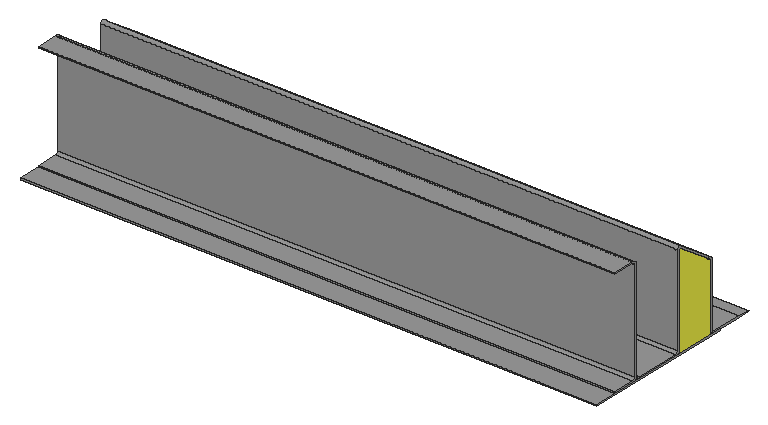
Revit family "SK 90 215 WIL", category Generic Models, Revit 2014
Parameters (values of type "Max lintel length 4000mm")
  URL = "http://www.keystonelintels.co.uk"
  Structural Opening [instance] = 900 mm
  Structural Performance = "The Keystone lintel range has safe working loads as detailed in each applicable loading table in the Keystone Lintel Guide brochure. The structural performance figures within each table have been ascertained by testing in accordance with the requirements of standards BS EN 5977-2: 1983 and BS EN 845-2: 2003."
  RIBA Productor Selector = "available for Keystone Lintels Ltd from Keystone Lintels Ltd from ribaproductselector.com"
  Model = "SK/90 215 WIL"
  Min Length = 600 mm
  Min Clear Span = 300 mm
  Max Length = 4000 mm
  Max Clear Span = 4000 mm
  Material - Stainless Steel = "Grade 304 2b 1.4307 to BS EN 10088-2. Other grades available on request: contact manufacturer."
  Material - Galvanised Steel = "To BS EN 10346: 2009. DX51D plus Z600 or grade Z275 to BS 5977-2: 1983 (BS EN 845-2: 2003)."
  Manufacturer = "Keystone"
  Manufactured Length [instance] = (roundup(Effective Length / 150 mm) * 150 mm)  # 1200 mm
  Lintel height [instance] = 2100 mm
  Keynote = "F30/755"
  Fire Performance = "Keystone lintels have been subjected to a fire test (WARRES No. 101263) in accordance with BS 476-20: 1987, at Exova Warrington Fire and achieved a one hour fire performance."
  End Bearing = 150 mm
  Effective Length [instance] = Clear Opening with MIN MAX set + End Bearing * 2  # 1200 mm
  Corrosion = "Keystone’s standard range of lintels are manufactured from high quality grade pre-galvanized carbon steel with a zinc coating of 600"
  Contact Tel = "+44 (0)28 8676 2184"
  Contact Email = "info@keystonelintels.co.uk"
  Clear Opening with MIN MAX set [instance] = if(Structural Opening < Min Clear Span, Min Clear Span, (if(Structural Opening > Max Clear Span, Max Clear Span, Structural Opening)))  # 900 mm
  CPD Information = "Available for Keystone Lintels Ltd from ribacpd.com"
Reference planes
  plane 1 "Center (Front/Back)": y = 0
  plane 2: z = 0
  plane 3 "Center (Left/Right)": x = 0
  plane 4: x = -600
  plane 5: x = 600
  plane 6: z = 2100
  plane 7: x = -450
  plane 8: x = 450
Forms (mm)
  Extrusion 1, solid, material "Steel"
    sketch origin (0, 658.512, -498.991) x (0, 1, 0) y (0, 0, 1)
      loop
        line (-520.593, 2598.122) -> (-520.482, 2601.32) -> (-545.491, 2602.191) -> (-610.491, 2602.191)
        arc (-610.491, 2602.191) -> (-614.026, 2603.656) -> (-615.491, 2607.191) r 5
        line (-615.491, 2607.191) -> (-615.491, 2739.606)
        arc (-615.491, 2739.606) -> (-616.045, 2741.868) -> (-617.58, 2743.62) r 4.9
        line (-617.58, 2743.62) -> (-695.772, 2798.364)
        arc (-695.772, 2798.364) -> (-700.847, 2798.702) -> (-703.491, 2794.356) r 4.903
        line (-703.491, 2794.356) -> (-703.491, 2607.191)
        arc (-703.491, 2607.191) -> (-704.955, 2603.656) -> (-708.491, 2602.191) r 5
        line (-708.491, 2602.191) -> (-803.491, 2602.191) -> (-803.491, 2598.991) -> (-708.491, 2598.991)
        arc (-708.491, 2598.991) -> (-702.693, 2601.393) -> (-700.291, 2607.191) r 8.2
        line (-700.291, 2607.191) -> (-700.291, 2794.354)
        arc (-700.291, 2794.354) -> (-699.371, 2795.863) -> (-697.609, 2795.744) r 1.703
        line (-697.609, 2795.744) -> (-619.416, 2740.998)
        arc (-619.416, 2740.998) -> (-618.883, 2740.391) -> (-618.691, 2739.606) r 1.7
        line (-618.691, 2739.606) -> (-618.691, 2607.191)
        arc (-618.691, 2607.191) -> (-616.289, 2601.393) -> (-610.491, 2598.991) r 8.2
        line (-610.491, 2598.991) -> (-545.547, 2598.991) -> (-520.593, 2598.122)
    from -600 to 600
  Extrusion 2, solid, material "Steel"
    sketch origin (0, 658.512, -498.991) x (0, 1, 0) y (0, 0, 1)
      loop
        line (-593.491, 2596.491) -> (-593.491, 2598.991) -> (-913.491, 2598.991) -> (-913.491, 2596.491) -> (-593.491, 2596.491)
    from -600 to 600
  Extrusion 3, solid, material "Steel"
    sketch origin (0, 659.012, -498.991) x (0, 1, 0) y (0, 0, 1)
      loop
        arc (-820.991, 2598.991) -> (-815.688, 2601.188) -> (-813.491, 2606.491) r 7.5
        line (-813.491, 2606.491) -> (-813.491, 2816.491)
        arc (-813.491, 2816.491) -> (-815.688, 2821.794) -> (-820.991, 2823.991) r 7.5
        line (-820.991, 2823.991) -> (-866.991, 2823.991) -> (-866.991, 2821.491) -> (-820.991, 2821.491)
        arc (-820.991, 2821.491) -> (-817.455, 2820.027) -> (-815.991, 2816.491) r 5
        line (-815.991, 2816.491) -> (-815.991, 2606.491)
        arc (-815.991, 2606.491) -> (-817.455, 2602.956) -> (-820.991, 2601.491) r 5
        line (-820.991, 2601.491) -> (-866.991, 2601.491) -> (-866.991, 2598.991) -> (-820.991, 2598.991)
    from -600 to 600
  Extrusion 4, solid, material "Insulation"
    sketch origin (0, 658.512, -498.991) x (0, 1, 0) y (0, 0, 1)
      loop
        line (-708.491, 2598.991) -> (-610.491, 2598.991)
        arc (-610.491, 2598.991) -> (-616.289, 2601.393) -> (-618.691, 2607.191) r 8.2
        line (-618.691, 2607.191) -> (-618.691, 2739.606)
        arc (-618.691, 2739.606) -> (-618.883, 2740.391) -> (-619.416, 2740.998) r 1.7
        line (-619.416, 2740.998) -> (-697.609, 2795.744)
        arc (-697.609, 2795.744) -> (-699.371, 2795.863) -> (-700.291, 2794.354) r 1.703
        line (-700.291, 2794.354) -> (-700.291, 2607.191)
        arc (-700.291, 2607.191) -> (-702.693, 2601.393) -> (-708.491, 2598.991) r 8.2
    from -600 to 600
  Extrusion 5, solid, not visible
    sketch origin (0, 915.491, 1168.37) x (0, 1, 0) y (0, 0, 1)
      loop
        line (-520.593, 998.122) -> (-520.482, 1001.32) -> (-545.491, 1002.191) -> (-610.491, 1002.191)
        arc (-610.491, 1002.191) -> (-614.026, 1003.656) -> (-615.491, 1007.191) r 5
        line (-615.491, 1007.191) -> (-615.491, 1139.606)
        arc (-615.491, 1139.606) -> (-616.045, 1141.868) -> (-617.58, 1143.62) r 4.9
        line (-617.58, 1143.62) -> (-695.772, 1198.364)
        arc (-695.772, 1198.364) -> (-700.847, 1198.702) -> (-703.491, 1194.356) r 4.903
        line (-703.491, 1194.356) -> (-703.491, 1007.191)
        arc (-703.491, 1007.191) -> (-704.955, 1003.656) -> (-708.491, 1002.191) r 5
        line (-708.491, 1002.191) -> (-803.491, 1002.191) -> (-803.491, 998.991) -> (-708.491, 998.991)
        arc (-708.491, 998.991) -> (-702.693, 1001.393) -> (-700.291, 1007.191) r 8.2
        line (-700.291, 1007.191) -> (-700.291, 1194.354)
        arc (-700.291, 1194.354) -> (-699.371, 1195.863) -> (-697.609, 1195.744) r 1.703
        line (-697.609, 1195.744) -> (-619.416, 1140.998)
        arc (-619.416, 1140.998) -> (-618.883, 1140.391) -> (-618.691, 1139.606) r 1.7
        line (-618.691, 1139.606) -> (-618.691, 1007.191)
        arc (-618.691, 1007.191) -> (-616.289, 1001.393) -> (-610.491, 998.991) r 8.2
        line (-610.491, 998.991) -> (-545.547, 998.991) -> (-520.593, 998.122)
    from 0 to 250
  Extrusion 6, solid, not visible
    sketch origin (0, 561.441, 1294.704) x (0, 1, 0) y (0, 0, 1)
      loop
        arc (-820.991, 998.991) -> (-815.688, 1001.188) -> (-813.491, 1006.491) r 7.5
        line (-813.491, 1006.491) -> (-813.491, 1216.491)
        arc (-813.491, 1216.491) -> (-815.688, 1221.794) -> (-820.991, 1223.991) r 7.5
        line (-820.991, 1223.991) -> (-866.991, 1223.991) -> (-866.991, 1221.491) -> (-820.991, 1221.491)
        arc (-820.991, 1221.491) -> (-817.455, 1220.027) -> (-815.991, 1216.491) r 5
        line (-815.991, 1216.491) -> (-815.991, 1006.491)
        arc (-815.991, 1006.491) -> (-817.455, 1002.956) -> (-820.991, 1001.491) r 5
        line (-820.991, 1001.491) -> (-866.991, 1001.491) -> (-866.991, 998.991) -> (-820.991, 998.991)
    from 0 to 250
  Extrusion 7, solid, not visible
    sketch origin (0, 1026.218, 1065.662) x (0, 1, 0) y (0, 0, 1)
      loop
        line (-593.491, 996.491) -> (-593.491, 998.991) -> (-913.491, 998.991) -> (-913.491, 996.491) -> (-593.491, 996.491)
    from 0 to 250
  Extrusion 8, solid, not visible
    sketch origin (0, 474.609, 811.643) x (0, 1, 0) y (0, 0, 1)
      loop
        line (-708.491, 998.991) -> (-610.491, 998.991)
        arc (-610.491, 998.991) -> (-616.289, 1001.393) -> (-618.691, 1007.191) r 8.2
        line (-618.691, 1007.191) -> (-618.691, 1139.606)
        arc (-618.691, 1139.606) -> (-618.883, 1140.391) -> (-619.416, 1140.998) r 1.7
        line (-619.416, 1140.998) -> (-697.609, 1195.744)
        arc (-697.609, 1195.744) -> (-699.371, 1195.863) -> (-700.291, 1194.354) r 1.703
        line (-700.291, 1194.354) -> (-700.291, 1007.191)
        arc (-700.291, 1007.191) -> (-702.693, 1001.393) -> (-708.491, 998.991) r 8.2
    from 0 to 250
Dimensions and locks
  equal spacing: plane 4, plane 3 "Center (Left/Right)", plane 5
  "Manufactured Length": plane 4 to plane 5
  "Lintel height": plane 6 to level
  "Structural Opening": plane 7 to plane 8
  equal spacing: plane 7, plane 3 "Center (Left/Right)", plane 8
  aligned and locked: level to plane 2
  aligned and locked: Extrusion 1 to plane 6
  aligned and locked: Extrusion 4 to plane 6  (x2)
  aligned and locked: plane 6 to Extrusion 2
  aligned and locked: Extrusion 3 to plane 6
  aligned and locked: plane 5 to Extrusion 2
  aligned and locked: Extrusion 2 to plane 4
  aligned and locked: plane 5 to Extrusion 3
  aligned and locked: Extrusion 3 to plane 4
  aligned and locked: plane 5 to Extrusion 1
  aligned and locked: Extrusion 1 to plane 4
  aligned and locked: plane 5 to Extrusion 4
  aligned and locked: Extrusion 4 to plane 4
Automatic sketch dimensions
  Extrusion 1 sketch curve to Extrusion 1 sketch curve = 0.111 mm
  Extrusion 1 sketch curve to Extrusion 1 sketch curve = 0.869 mm
  Extrusion 1 sketch curve to Extrusion 1 sketch curve = 24.954 mm
  Extrusion 1 sketch curve to Extrusion 1 sketch curve = 0.056 mm
  Extrusion 1 sketch curve to Extrusion 1 sketch curve = 65 mm
  Extrusion 1 sketch curve to Extrusion 1 sketch curve = 0 mm  (x17)
  Extrusion 1 sketch curve to Extrusion 1 sketch curve = 5 mm  (x2)
  Extrusion 1 sketch curve to Extrusion 1 sketch curve = 132.415 mm
  Extrusion 1 sketch curve to Extrusion 1 sketch curve = 1.7 mm
  Extrusion 1 sketch curve to Extrusion 1 sketch curve = 0.725 mm
  Extrusion 1 sketch curve to Extrusion 1 sketch curve = 1.835 mm
  Extrusion 1 sketch curve to Extrusion 1 sketch curve = 78.191 mm
  Extrusion 1 sketch curve to Extrusion 1 sketch curve = 54.744 mm
  Extrusion 1 sketch curve to Extrusion 1 sketch curve = 1.837 mm
  Extrusion 1 sketch curve to Extrusion 1 sketch curve = 2.62 mm
  Extrusion 1 sketch curve to Extrusion 1 sketch curve = 0.979 mm
  Extrusion 1 sketch curve to Extrusion 1 sketch curve = 1.393 mm
  Extrusion 1 sketch curve to Extrusion 1 sketch curve = 1.703 mm
  Extrusion 1 sketch curve to Extrusion 1 sketch curve = 3.2 mm
  Extrusion 1 sketch curve to Extrusion 1 sketch curve = 95 mm
  Extrusion 2 sketch curve to Extrusion 2 sketch curve = 320 mm
  Extrusion 2 sketch curve to Extrusion 2 sketch curve = 2.5 mm
  Extrusion 3 sketch curve to Extrusion 3 sketch curve = 46 mm  (x2)
  Extrusion 3 sketch curve to Extrusion 3 sketch curve = 2.5 mm
  Extrusion 3 sketch curve to Extrusion 3 sketch curve = 5 mm  (x2)
  Extrusion 3 sketch curve to Extrusion 3 sketch curve = 210 mm
  Extrusion 3 sketch curve to Extrusion 3 sketch curve = 0 mm  (x8)
  Extrusion 4 sketch curve to Extrusion 4 sketch curve = 8.2 mm  (x2)
  Extrusion 4 sketch curve to Extrusion 4 sketch curve = 1.703 mm
  Extrusion 4 sketch curve to Extrusion 4 sketch curve = 0.979 mm
  Extrusion 4 sketch curve to Extrusion 4 sketch curve = 78.197 mm
  Extrusion 4 sketch curve to Extrusion 4 sketch curve = 0.975 mm
  Extrusion 4 sketch curve to Extrusion 4 sketch curve = 81.6 mm
  Extrusion 4 sketch curve to Extrusion 4 sketch curve = 132.415 mm
  Extrusion 4 sketch curve to Extrusion 4 sketch curve = 54.745 mm
  Extrusion 4 sketch curve to Extrusion 4 sketch curve = 0.003 mm
  Extrusion 5 sketch curve to Extrusion 5 sketch curve = 0.111 mm
  Extrusion 5 sketch curve to Extrusion 5 sketch curve = 0.869 mm
  Extrusion 5 sketch curve to Extrusion 5 sketch curve = 24.954 mm
  Extrusion 5 sketch curve to Extrusion 5 sketch curve = 0.056 mm
  Extrusion 5 sketch curve to Extrusion 5 sketch curve = 65 mm
  Extrusion 5 sketch curve to Extrusion 5 sketch curve = 0 mm  (x17)
  Extrusion 5 sketch curve to Extrusion 5 sketch curve = 5 mm  (x2)
  Extrusion 5 sketch curve to Extrusion 5 sketch curve = 132.415 mm
  Extrusion 5 sketch curve to Extrusion 5 sketch curve = 1.7 mm
  Extrusion 5 sketch curve to Extrusion 5 sketch curve = 0.725 mm
  Extrusion 5 sketch curve to Extrusion 5 sketch curve = 1.835 mm
  Extrusion 5 sketch curve to Extrusion 5 sketch curve = 78.191 mm
  Extrusion 5 sketch curve to Extrusion 5 sketch curve = 54.744 mm
  Extrusion 5 sketch curve to Extrusion 5 sketch curve = 1.837 mm
  Extrusion 5 sketch curve to Extrusion 5 sketch curve = 2.62 mm
  Extrusion 5 sketch curve to Extrusion 5 sketch curve = 0.979 mm
  Extrusion 5 sketch curve to Extrusion 5 sketch curve = 1.393 mm
  Extrusion 5 sketch curve to Extrusion 5 sketch curve = 1.703 mm
  Extrusion 5 sketch curve to Extrusion 5 sketch curve = 3.2 mm
  Extrusion 5 sketch curve to Extrusion 5 sketch curve = 95 mm
  Extrusion 6 sketch curve to Extrusion 6 sketch curve = 46 mm  (x2)
  Extrusion 6 sketch curve to Extrusion 6 sketch curve = 2.5 mm
  Extrusion 6 sketch curve to Extrusion 6 sketch curve = 5 mm  (x2)
  Extrusion 6 sketch curve to Extrusion 6 sketch curve = 0 mm  (x8)
  Extrusion 6 sketch curve to Extrusion 6 sketch curve = 210 mm
  Extrusion 7 sketch curve to Extrusion 7 sketch curve = 320 mm
  Extrusion 7 sketch curve to Extrusion 7 sketch curve = 2.5 mm
  Extrusion 8 sketch curve to Extrusion 8 sketch curve = 8.2 mm  (x2)
  Extrusion 8 sketch curve to Extrusion 8 sketch curve = 1.703 mm
  Extrusion 8 sketch curve to Extrusion 8 sketch curve = 0.979 mm
  Extrusion 8 sketch curve to Extrusion 8 sketch curve = 78.197 mm
  Extrusion 8 sketch curve to Extrusion 8 sketch curve = 0.975 mm
  Extrusion 8 sketch curve to Extrusion 8 sketch curve = 81.6 mm
  Extrusion 8 sketch curve to Extrusion 8 sketch curve = 132.415 mm
  Extrusion 8 sketch curve to Extrusion 8 sketch curve = 54.745 mm
  Extrusion 8 sketch curve to Extrusion 8 sketch curve = 0.003 mm
  Extrusion 4 sketch curve to plane 6 = 0 mm
  plane 1 "Center (Front/Back)" to Extrusion 4 sketch curve = 49.979 mm
  Extrusion 3 sketch curve to plane 6 = 0 mm
  plane 1 "Center (Front/Back)" to Extrusion 3 sketch curve = 207.979 mm
  Extrusion 1 sketch curve to plane 6 = 0 mm
  plane 1 "Center (Front/Back)" to Extrusion 1 sketch curve = 144.979 mm
  Extrusion 2 sketch curve to plane 6 = 0 mm
  plane 1 "Center (Front/Back)" to Extrusion 2 sketch curve = 254.979 mm
